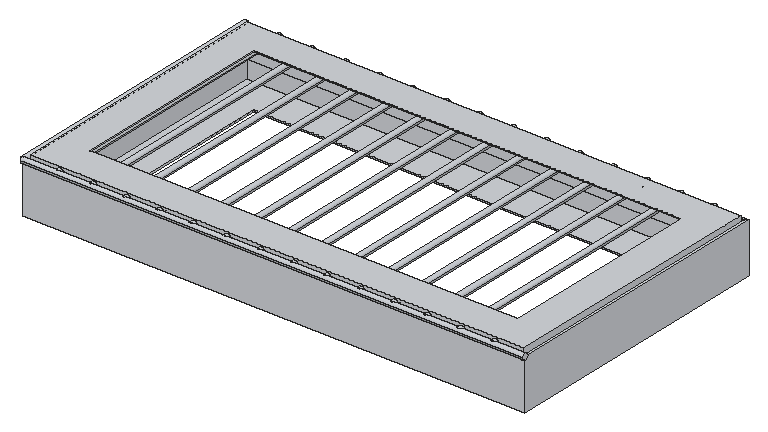
Revit family "Приямок 500х900х800", category Обобщенные модели, Revit 2021
Family settings
  Основа = Перекрытие
  Может служить основой для арматурных стержней = Нет
  Размер круглого соединителя = Использовать диаметр
  Тип детали = Нормальный
  Всегда вертикально = Да
  При загрузке вырезать с полостями = Да
  Общий = Нет
  Точка принадлежности помещению = Нет
Parameters
  Отметка по умолчанию = 0 mm
  ADSK_Размер_Ширина = 900 mm
  ADSK_Размер_Толщина [instance] = 300 mm
  ADSK_Размер_Длина = 500 mm
  ADSK_Размер_Высота = 800 mm
Reference planes
  plane 1 "По центру (Вперед/Назад)": y = 0
  plane 2: z = 0
  plane 3 "По центру (Влево/Вправо)": x = 0
  plane 4: x = -450
  plane 5: y = 250
  plane 6: x = 450
  plane 7: y = -250
  plane 8 "Подошва прияка": z = -800
Forms (mm)
  Extrusion 1, void
    sketch origin (0, 0, 0) x (1, 0, 0) y (0, 1, 0)
      loop
        line (-383.978, 183.978) -> (-383.978, -183.978) -> (383.978, -183.978) -> (383.978, 183.978) -> (-383.978, 183.978)
    from -300 to -90
  Extrusion 2, void
    sketch origin (0, 0, 0) x (1, 0, 0) y (0, 1, 0)
      loop
        line (-450, 250) -> (-450, -250) -> (450, -250) -> (450, 250) -> (-450, 250)
    from -90 to 0
  Extrusion 3, void
    sketch origin (0, 0, 0) x (1, 0, 0) y (0, 1, 0)
      loop
        line (-383.978, 183.978) -> (-383.978, -183.978) -> (383.978, -183.978) -> (383.978, 183.978) -> (-383.978, 183.978)
    from -800 to 0
Dimensions and locks
  equal spacing: plane 4, plane 3 "По центру (Влево/Вправо)", plane 6
  equal spacing: plane 7, plane 1 "По центру (Вперед/Назад)", plane 5
  "ADSK_Размер_Длина": plane 5 to plane 7
  "ADSK_Размер_Ширина": plane 4 to plane 6
  "ADSK_Размер_Толщина": host floor to host floor
  "ADSK_Размер_Высота": plane 2 to plane 8 "Подошва прияка"
  aligned and locked: level to plane 2
  aligned and locked: plane 2 to Extrusion 2
  aligned and locked: plane 6 to nested 1
  aligned and locked: plane 4 to nested 1
  aligned and locked: plane 5 to nested 1
  aligned and locked: plane 7 to nested 1
  aligned and locked: Extrusion 3 to plane 8 "Подошва прияка"
  aligned and locked: level to Extrusion 3
Automatic sketch dimensions
  Extrusion 1 sketch curve to plane 4 = 66.022 mm
  Extrusion 1 sketch curve to plane 6 = 66.022 mm
  plane 7 to Extrusion 1 sketch curve = 66.022 mm
  Extrusion 1 sketch curve to plane 5 = 66.022 mm
  Extrusion 2 sketch curve to plane 4 = 0 mm
  Extrusion 2 sketch curve to plane 6 = 0 mm
  Extrusion 2 sketch curve to plane 7 = 0 mm
  Extrusion 2 sketch curve to plane 5 = 0 mm
  Extrusion 3 sketch curve to plane 4 = 66.022 mm
  Extrusion 3 sketch curve to plane 6 = 66.022 mm
  plane 7 to Extrusion 3 sketch curve = 66.022 mm
  Extrusion 3 sketch curve to plane 5 = 66.022 mm
Nested families
  nested 1: "BRU_КрышкаПриямка1" at (0, 0, 0), type "BRU_КрышкаПриямка 500х900"
Definition of nested family "BRU_КрышкаПриямка1"
  Parameters (values of type "BRU_КрышкаПриямка 500х900")
    ШагСтержней = 60 mm
    Default Elevation = 0 mm
    КоличествоСтержнейШирина = BRU_Приямок_Ширина / ШагСтержней  # 15
    КоличествоСтержнейВГлубину = BRU_Приямок_Глубина / ШагСтержней  # 8
    BRU_Приямок_Ширина = 900 mm
    BRU_Приямок_Глубина = 500 mm
  Types (2, lengths in mm): name | КоличествоСтержнейШирина | BRU_Приямок_Ширина
    BRU_КрышкаПриямка 500х500 | 8 | 500
    BRU_КрышкаПриямка 500х900 | 15 | 900
  Reference planes
    plane 1 "По центру (Вперед/Назад)": y = 0
    plane 2: z = 0
    plane 3 "По центру (Влево/Вправо)": x = 0
    plane 4: x = -450
    plane 5: x = 450
    plane 6: y = 250
    plane 7: y = -250
    plane 8: x = -450
    plane 9: x = -390
    plane 10: x = -330
    plane 11: x = -270
    plane 12: x = -210
    plane 13: x = -150
    plane 14: x = -90
    plane 15: y = -250
    plane 16: x = -30
    plane 17: x = 30
    plane 18: x = 90
    plane 19: x = 150
    plane 20: x = 210
    plane 21: x = 270
    plane 22: x = 330
    plane 23: x = 390
  Forms (mm)
    Sweep 1, solid
      path origin (0, 0, 0) x (1, 0, 0) y (0, 1, 0)
        loop
          line (-450, 250) -> (-450, -250) -> (450, -250) -> (450, 250) -> (-450, 250)
      profile origin (0, 250, 0) x (0, 1, 0) y (0, 0, 1)
        loop
          line (0, 0) -> (-3.709, 0) -> (-3.709, -86.288) -> (-66.022, -86.288) -> (-66.022, -90) -> (0, -90) -> (0, 0)
        loop
          line (-7.776, -49.476) -> (-7.776, 8.191) -> (-66.022, 8.191) -> (-66.022, 6.505) -> (-9.29, 6.505) -> (-9.29, -49.476) -> (-7.776, -49.476)
        loop
          line (-11.349, 2.661) -> (-46.349, 2.661) -> (-46.349, 0) -> (-11.349, 0) -> (-11.349, 2.661)
  Dimensions and locks
    equal spacing: plane 4, plane 3 "По центру (Влево/Вправо)", plane 5
    "BRU_Приямок_Ширина": plane 4 to plane 5
    equal spacing: plane 6, plane 1 "По центру (Вперед/Назад)", plane 7
    "BRU_Приямок_Глубина": plane 6 to plane 7
    equal spacing: group 1, group 2, group 3, group 4, group 5, group 6, group 7, group 9, group 10, group 11, group 12, group 13, group 14, group 15, group 16  (x3)
    "ШагСтержней": plane 8 to plane 9
    plane 8 to plane 5 = 900 mm
    plane 6 to plane 7 = 500 mm
    aligned and locked: level to plane 2
    aligned and locked: Sweep 1 sketch curve to plane 6
    aligned and locked: Sweep 1 sketch curve to plane 4
    aligned and locked: plane 7 to Sweep 1 sketch curve
    aligned and locked: Sweep 1 sketch curve to plane 5
    aligned and locked: nested 1 to plane 8
    aligned and locked: nested 2 to plane 9
    aligned and locked: plane 4 to plane 8
    aligned and locked: plane 1 "По центру (Вперед/Назад)" to nested 1
    aligned and locked: plane 1 "По центру (Вперед/Назад)" to nested 2
    aligned and locked: nested 3 to plane 10
    aligned and locked: nested 4 to plane 11
    aligned and locked: nested 5 to plane 12
    aligned and locked: nested 6 to plane 13
    aligned and locked: nested 7 to plane 14
    aligned and locked: plane 15 to nested 8
    aligned and locked: plane 3 "По центру (Влево/Вправо)" to nested 8
    aligned and locked: plane 7 to plane 15
    aligned and locked: nested 9 to plane 16
    aligned and locked: nested 10 to plane 17
    aligned and locked: nested 11 to plane 18
    aligned and locked: nested 12 to plane 19
    aligned and locked: nested 13 to plane 20
    aligned and locked: nested 14 to plane 21
    aligned and locked: nested 15 to plane 22
    aligned and locked: nested 16 to plane 23
  Automatic sketch dimensions
    level to Sweep 1 sketch curve = 0 mm  (x2)
    Sweep 1 sketch curve to profile plane = 0 mm
    profile plane to Sweep 1 sketch curve = 3.709 mm
    profile plane to Sweep 1 sketch curve = 7.776 mm
    Sweep 1 sketch curve to Sweep 1 sketch curve = 1.514 mm
    Sweep 1 sketch curve to Sweep 1 sketch curve = 2.058 mm
    Sweep 1 sketch curve to Sweep 1 sketch curve = 35 mm
    level to Sweep 1 sketch curve = 6.505 mm
    Sweep 1 sketch curve to Sweep 1 sketch curve = 19.673 mm
    Sweep 1 sketch curve to Sweep 1 sketch curve = 0 mm
    Sweep 1 sketch curve to level = 49.476 mm
    Sweep 1 sketch curve to Sweep 1 sketch curve = 36.812 mm
    Sweep 1 sketch curve to Sweep 1 sketch curve = 3.712 mm
    level to Sweep 1 sketch curve = 2.661 mm
    Sweep 1 sketch curve to Sweep 1 sketch curve = 1.686 mm
  Nested families
    nested 1: "Семейство1" at (-450, 0, 0), type "Горизонтальные2"
      with ДлинаСтержня 500 mm
    nested 2: "Семейство1" at (-390, 0, 0), type "Горизонтальные2"
      with ДлинаСтержня 500 mm
    nested 3: "Семейство1" at (-330, 0, 0), type "Горизонтальные2"
      with ДлинаСтержня 500 mm
    nested 4: "Семейство1" at (-270, 0, 0), type "Горизонтальные2"
      with ДлинаСтержня 500 mm
    nested 5: "Семейство1" at (-210, 0, 0), type "Горизонтальные2"
      with ДлинаСтержня 500 mm
    nested 6: "Семейство1" at (-150, 0, 0), type "Горизонтальные2"
      with ДлинаСтержня 500 mm
    nested 7: "Семейство1" at (-90, 0, 0), type "Горизонтальные2"
      with ДлинаСтержня 500 mm
    nested 8: "Семейство1" at (0, -250, 0) x (0, 1, 0) z (0, 0, 1), type "Горизонтальные1"
      with ДлинаСтержня 900 mm
    nested 9: "Семейство1" at (-30, 0, 0), type "Горизонтальные2"
      with ДлинаСтержня 500 mm
    nested 10: "Семейство1" at (30, 0, 0), type "Горизонтальные2"
      with ДлинаСтержня 500 mm
    nested 11: "Семейство1" at (90, 0, 0), type "Горизонтальные2"
      with ДлинаСтержня 500 mm
    nested 12: "Семейство1" at (150, 0, 0), type "Горизонтальные2"
      with ДлинаСтержня 500 mm
    nested 13: "Семейство1" at (210, 0, 0), type "Горизонтальные2"
      with ДлинаСтержня 500 mm
    nested 14: "Семейство1" at (270, 0, 0), type "Горизонтальные2"
      with ДлинаСтержня 500 mm
    nested 15: "Семейство1" at (330, 0, 0), type "Горизонтальные2"
      with ДлинаСтержня 500 mm
    nested 16: "Семейство1" at (390, 0, 0), type "Горизонтальные2"
      with ДлинаСтержня 500 mm
  Definition of nested family "Семейство1"
    Parameters
      Default Elevation = 0 mm
      ДлинаСтержня = 3680 mm
    Reference planes
      plane 1 "По центру (Вперед/Назад)": y = 0
      plane 2: z = 0
      plane 3 "По центру (Влево/Вправо)": x = 0
      plane 4: y = 1840
      plane 5: y = -1840
    Forms (mm)
      Extrusion 1, solid
        sketch origin (0, 0, 0) x (1, 0, 0) y (0, 0, 1)
          loop
            circle (0, 0) r 5
        from -1840 to 1840
    Dimensions and locks
      equal spacing: plane 5, plane 1 "По центру (Вперед/Назад)", plane 4
      "ДлинаСтержня": plane 4 to plane 5
      aligned and locked: level to plane 2
      aligned and locked: plane 4 to Extrusion 1
      aligned and locked: Extrusion 1 to plane 5
    Automatic sketch dimensions
      Extrusion 1 sketch curve to level = 0 mm
      Extrusion 1 sketch curve to plane 3 "По центру (Влево/Вправо)" = 0 mm
      radius of Extrusion 1 sketch curve = 5 mm
